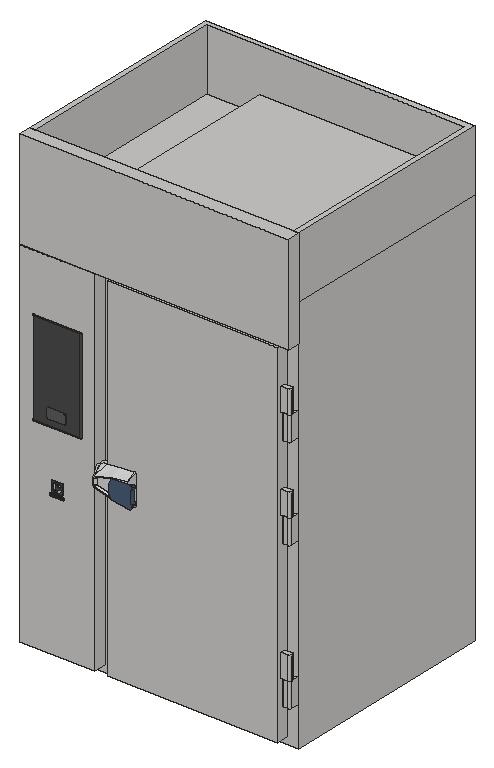
Revit family "QF_ELECTROLUXPROFESSIONAL_727762_EBFA22LE", category Specialty Equipment, Revit 2018
Family settings
  Round Connector Dimension = Use Diameter
  Part Type = Normal
  Work Plane-Based = No
  Always vertical = Yes
  Cut with Voids When Loaded = No
  Shared = Yes
  Room Calculation Point = No
Parameters
  Weight = 0.00 kg
  Watts = 0 W
  Volts = 380 V
  URL Manufacturer = "http://professional.electrolux.com"
  URL = "http://professional.electrolux.com"
  Steam Supply Size = 0"
  Steam Supply Minimum Pressure = 0.00 psi
  Steam Supply Maximum Pressure = 0.00 psi
  Steam Pounds per Hour = 0
  Show Logo [instance] = yes
  Refrigeration Suction Line Size = 0"
  Refrigeration Liquid Line Size = 0"
  Refrigerant Compressor Remote = yes
  Phase = 3
  Model = "EBFA22LE"
  Manufacturer = "Electrolux"
  Length Actual = 1400 mm  # constant formula
  Item Number = "727762"
  Hot Water Size = 1"
  Height Actual = 2470 mm  # constant formula
  HP = "10.7 HP"
  Gas Size = 0"
  Gas KW = 0
  Gas Input Pressure = 0.0 Btu/h
  Direct Waste Size = 3/4"
  Description = "SKYLINE CHILLS BLAST CHILLER/FREEZER 150/120KG 20 GN 2/1"
  Depth Actual = 1266 mm  # constant formula
  Cycle = 50 Hz
  Condensate Return Size = 0"
  Compressed Air Volume = 0 GPM
  Compressed Air Size = 0"
  Compressed Air Pressure = 0.00 psi
  Cold Water Size = 1"
  Assembly Code = ""
  Show Clearance [instance] = yes
  Accessory = yes
Reference planes
  plane 1 "BACK": y = 1
  plane 2: z = 0
  plane 3 "LEFT": x = 0
  plane 4 "RIGHT": x = 1400
  plane 5 "FRONT": y = -1205
  plane 6 "TOP": z = 2400
  plane 7 "Center Y": x = 700
  plane 8: y = -2155
  plane 9: y = -602
Forms (mm)
  Extrusion 1, solid, material "QF_Clearance", visible <- "Show Clearance", detail levels coarse
    sketch origin (0, 0, -70) x (1, 0, 0) y (0, 1, 0)
      loop
        line (0, -1205) -> (0, 1) -> (1400, 1) -> (1400, -1205) -> (1500, -1205) -> (1500, 101) -> (-100, 101) -> (-100, -1205) -> (0, -1205)
    from 70 to 2670
  Extrusion 2, solid, material "QF_Finishes_Stainless Steel"
    sketch origin (349.253, 33, 630.991) x (-1, 0, 0) y (0, -1, 0)
      loop
        line (349.253, 1172.759) -> (349.253, 1238) -> (-39.747, 1238) -> (-39.747, 1172.759) -> (349.253, 1172.759)
    from -597 to 1254
  Extrusion 3, solid, material "QF_Finishes_Stainless Steel"
    sketch origin (596.16, 27.971, -70) x (1, 0, 0) y (0, 1, 0)
      loop
        line (743.84, -1172.971) -> (-141.16, -1172.971) -> (-141.16, -1232.971) -> (743.84, -1232.971) -> (743.84, -1172.971)
    from 103.991 to 1945.25
  Extrusion 4, solid, material "QF_Door-Drawer Clearances", visible <- "Show Clearance", detail levels coarse
    sketch origin (875, -72.029, -91.802) x (-1, 0, 0) y (0, -1, 0)
      loop
        line (-465, 2025.971) -> (-465, 1132.971) -> (420, 1132.971)
        arc (420, 1132.971) -> (153.836, 1754.227) -> (-465, 2025.971) r 920
    from 125.793 to 1967.052
  Extrusion 5, solid, material "QF_Finishes_Stainless Steel"
    sketch origin (0, -1139.759, 0) x (0, 1, 0) y (-1, 0, 0)
      loop
        line (1140.759, 0) -> (0.759, 0) -> (0.759, -1400) -> (1140.759, -1400) -> (1140.759, 0)
    from 0 to 2080
  Extrusion 6, solid, material "QF_Finishes_Stainless Steel"
    sketch origin (0, 0, -70) x (0, 1, 0) y (0, 0, 1)
      loop
        line (-1139, 2470) -> (-1205, 2470) -> (-1205, 1956) -> (-1139, 1956) -> (-1139, 2470)
    from 0 to 1400
  Extrusion 7, solid, material "QF_Finishes_Stainless Steel"
    sketch origin (0, -1139.759, 2080) x (0, 1, 0) y (-1, 0, 0)
      loop
        line (1140.759, 0) -> (0.759, 0) -> (0.759, -27.807) -> (1112.952, -27.807) -> (1112.952, -1372.193) -> (0.759, -1372.193) -> (0.759, -1400) -> (1140.759, -1400) -> (1140.759, 0)
    from 0 to 320
  Extrusion 8, solid, material "QF_Clearance", visible <- "Show Clearance", detail levels coarse
    sketch origin (0, 0, 2400) x (-1, 0, 0) y (0, -1, 0)
      loop
        line (0, 1205) -> (-1400, 1205) -> (-1400, -1) -> (0, -1) -> (0, 1205)
    from 0 to 200
  Extrusion 9, solid, material "QF_Finishes_Stainless Steel"
    sketch origin (-390.239, -0.977, 1172.559) x (1, 0, 0) y (0, 1, 0)
      loop
        line (1730.239, -1159.557) -> (1730.239, -1186.759) -> (1771.078, -1186.759)
        arc (1771.078, -1186.759) -> (1778.149, -1183.83) -> (1781.078, -1176.759) r 10
        line (1781.078, -1176.759) -> (1781.078, -1169.557)
        arc (1781.078, -1169.557) -> (1778.149, -1162.486) -> (1771.078, -1159.557) r 10
        line (1771.078, -1159.557) -> (1730.239, -1159.557)
    from 398 to 516
  Extrusion 10, solid, material "QF_Finishes_Stainless Steel"
    sketch origin (-388.989, -0.977, 1172.559) x (1, 0, 0) y (0, 1, 0)
      loop
        line (1779.828, -1138.023) -> (1738.215, -1138.023) -> (1738.215, -1176.759)
        arc (1738.215, -1176.759) -> (1741.143, -1183.83) -> (1748.215, -1186.759) r 10
        line (1748.215, -1186.759) -> (1769.828, -1186.759)
        arc (1769.828, -1186.759) -> (1776.899, -1183.83) -> (1779.828, -1176.759) r 10
        line (1779.828, -1176.759) -> (1779.828, -1138.023)
    from 269 to 396
  Extrusion 11, solid, material "QF_Finishes_Handrails and Railings"
    sketch origin (0, -1205, -139.705) x (-1, 0, 0) y (0, 0, 1)
      loop
        arc (-455, 1022.346) -> (-433.392, 1027.289) -> (-413, 1035.976) r 124.815
        arc (-413, 1035.976) -> (-402.037, 1046.425) -> (-398, 1061.023) r 28.412
        line (-398, 1061.023) -> (-398, 1124.287)
        arc (-398, 1124.287) -> (-402.037, 1138.885) -> (-413, 1149.334) r 28.412
        arc (-413, 1149.334) -> (-433.392, 1158.021) -> (-455, 1162.964) r 124.815
        line (-455, 1162.964) -> (-455, 1022.346)
    from 0 to 25
  Extrusion 12, solid, material "QF_Finishes_Stainless Steel"
    sketch origin (0, 1, -70) x (1, 0, 0) y (0, 0, 1)
      loop
        circle (50.191, 2279.706) r 10
    from -2 to 0
  Extrusion 13, solid
    sketch origin (0, 0, -70) x (1, 0, 0) y (0, 1, 0)
      loop
        circle (271, -895) r 12.7
    from 180 to 190
  Blend 14, solid, material "QF_Finishes_Handrails and Railings"
    base sketch origin (0, -1205, -139.705) x (1, 0, 0) y (0, 0, 1)
      loop
        arc (455, 1162.964) -> (433.392, 1158.021) -> (413, 1149.334) r 124.815
        arc (413, 1149.334) -> (402.037, 1138.885) -> (398, 1124.287) r 28.412
        line (398, 1124.287) -> (398, 1061.023)
        arc (398, 1061.023) -> (402.037, 1046.425) -> (413, 1035.976) r 28.412
        arc (413, 1035.976) -> (433.392, 1027.289) -> (455, 1022.346) r 124.815
        arc (455, 1022.346) -> (524.77, 1014.896) -> (594.859, 1011.587) r 1185.63
        arc (594.859, 1011.587) -> (600.607, 1013.879) -> (603, 1019.586) r 8
        line (603, 1019.586) -> (603, 1165.724)
        arc (603, 1165.724) -> (600.607, 1171.431) -> (594.859, 1173.723) r 8
        arc (594.859, 1173.723) -> (524.77, 1170.414) -> (455, 1162.964) r 1185.63
    top sketch origin (0, -1205, -139.705) x (1, 0, 0) y (0, 0, 1)
      loop
        line (421, 1108.337) -> (421, 1076.973)
        arc (421, 1076.973) -> (423.295, 1069.915) -> (429.302, 1065.557) r 12
        arc (429.302, 1065.557) -> (515.086, 1044.22) -> (603, 1034.974) r 636.459
        line (603, 1034.974) -> (603, 1150.336)
        arc (603, 1150.336) -> (515.086, 1141.09) -> (429.302, 1119.753) r 636.459
        arc (429.302, 1119.753) -> (423.295, 1115.395) -> (421, 1108.337) r 12
    from 0 to 50
  Blend 15, void
    base sketch origin (0, -1255, -139.705) x (-1, 0, 0) y (0, 0, 1)
      loop
        arc (-430.843, 1114.996) -> (-515.866, 1136.151) -> (-603, 1145.333) r 631.459
        line (-603, 1145.333) -> (-603, 1039.977)
        arc (-603, 1039.977) -> (-515.866, 1049.159) -> (-430.843, 1070.314) r 631.459
        arc (-430.843, 1070.314) -> (-427.339, 1072.856) -> (-426, 1076.973) r 7
        line (-426, 1076.973) -> (-426, 1108.337)
        arc (-426, 1108.337) -> (-427.339, 1112.454) -> (-430.843, 1114.996) r 7
    top sketch origin (0, -1255, -139.705) x (-1, 0, 0) y (0, 0, 1)
      loop
        arc (-432.384, 1110.24) -> (-516.647, 1131.211) -> (-603, 1140.33) r 626.459
        line (-603, 1140.33) -> (-603, 1044.98)
        arc (-603, 1044.98) -> (-516.647, 1054.099) -> (-432.384, 1075.07) r 626.459
        arc (-432.384, 1075.07) -> (-431.382, 1075.797) -> (-431, 1076.973) r 2
        line (-431, 1076.973) -> (-431, 1108.337)
        arc (-431, 1108.337) -> (-431.382, 1109.513) -> (-432.384, 1110.24) r 2
    from 0 to 10
  Blend 16, solid, material "QF_Finishes_Electrolux_Blue"
    base sketch origin (0, -1245, -139.705) x (1, 0, 0) y (0, 0, 1)
      loop
        arc (628.567, 1043.419) -> (622.014, 1092.655) -> (628.567, 1141.89) r 188.232
        arc (628.567, 1141.89) -> (627.358, 1147.991) -> (621.77, 1150.721) r 7
        arc (621.77, 1150.721) -> (572.304, 1148.509) -> (523.16, 1142.458) r 636.459
        arc (523.16, 1142.458) -> (507.711, 1092.655) -> (523.16, 1042.852) r 88
        arc (523.16, 1042.852) -> (572.304, 1036.801) -> (621.77, 1034.589) r 636.459
        arc (621.77, 1034.589) -> (627.358, 1037.319) -> (628.567, 1043.419) r 7
    top sketch origin (0, -1245, -139.705) x (1, 0, 0) y (0, 0, 1)
      loop
        arc (626.748, 1050.703) -> (622.014, 1092.655) -> (626.748, 1134.607) r 188.232
        arc (626.748, 1134.607) -> (625.775, 1138.85) -> (621.845, 1140.722) r 5
        arc (621.845, 1140.722) -> (569.023, 1138.185) -> (516.603, 1131.203) r 626.459
        arc (516.603, 1131.203) -> (507.711, 1092.655) -> (516.603, 1054.107) r 88
        arc (516.603, 1054.107) -> (569.023, 1047.124) -> (621.845, 1044.588) r 626.459
        arc (621.845, 1044.588) -> (625.775, 1046.46) -> (626.748, 1050.703) r 5
    from 20 to 0
  Extrusion 17, solid, material "QF_Finishes_Stainless Steel"
    sketch origin (-390.239, -0.977, 692.559) x (1, 0, 0) y (0, 1, 0)
      loop
        line (1730.239, -1159.557) -> (1730.239, -1186.759) -> (1771.078, -1186.759)
        arc (1771.078, -1186.759) -> (1778.149, -1183.83) -> (1781.078, -1176.759) r 10
        line (1781.078, -1176.759) -> (1781.078, -1169.557)
        arc (1781.078, -1169.557) -> (1778.149, -1162.486) -> (1771.078, -1159.557) r 10
        line (1771.078, -1159.557) -> (1730.239, -1159.557)
    from 398 to 516
  Extrusion 18, solid, material "QF_Finishes_Stainless Steel"
    sketch origin (-388.989, -0.977, 692.559) x (1, 0, 0) y (0, 1, 0)
      loop
        line (1779.828, -1138.023) -> (1738.215, -1138.023) -> (1738.215, -1176.759)
        arc (1738.215, -1176.759) -> (1741.143, -1183.83) -> (1748.215, -1186.759) r 10
        line (1748.215, -1186.759) -> (1769.828, -1186.759)
        arc (1769.828, -1186.759) -> (1776.899, -1183.83) -> (1779.828, -1176.759) r 10
        line (1779.828, -1176.759) -> (1779.828, -1138.023)
    from 269 to 396
  Extrusion 19, solid, material "QF_Finishes_Stainless Steel"
    sketch origin (-390.239, -0.977, -67.441) x (1, 0, 0) y (0, 1, 0)
      loop
        line (1730.239, -1159.557) -> (1730.239, -1186.759) -> (1771.078, -1186.759)
        arc (1771.078, -1186.759) -> (1778.149, -1183.83) -> (1781.078, -1176.759) r 10
        line (1781.078, -1176.759) -> (1781.078, -1169.557)
        arc (1781.078, -1169.557) -> (1778.149, -1162.486) -> (1771.078, -1159.557) r 10
        line (1771.078, -1159.557) -> (1730.239, -1159.557)
    from 398 to 516
  Extrusion 20, solid, material "QF_Finishes_Stainless Steel"
    sketch origin (-388.989, -0.977, -67.441) x (1, 0, 0) y (0, 1, 0)
      loop
        line (1779.828, -1138.023) -> (1738.215, -1138.023) -> (1738.215, -1176.759)
        arc (1738.215, -1176.759) -> (1741.143, -1183.83) -> (1748.215, -1186.759) r 10
        line (1748.215, -1186.759) -> (1769.828, -1186.759)
        arc (1769.828, -1186.759) -> (1776.899, -1183.83) -> (1779.828, -1176.759) r 10
        line (1779.828, -1176.759) -> (1779.828, -1138.023)
    from 269 to 396
  Extrusion 21, solid, material "QF_Door-Drawer Clearances", visible <- "Show Clearance", detail levels coarse
    sketch origin (167.029, -1956.84, -70) x (0, 1, 0) y (-1, 0, 0)
      loop
        line (751.84, -1172.971) -> (-141.16, -1172.971) -> (-141.16, -1232.971) -> (751.84, -1232.971) -> (751.84, -1172.971)
    from 103.991 to 1945.25
  Extrusion 22, solid, material "QF_Door-Drawer Clearances", visible <- "Show Clearance", detail levels coarse
    sketch origin (1400, -2553, -139.705) x (0, -1, 0) y (0, 0, 1)
      loop
        arc (-455, 1022.346) -> (-433.392, 1027.289) -> (-413, 1035.976) r 124.815
        arc (-413, 1035.976) -> (-402.037, 1046.425) -> (-398, 1061.023) r 28.412
        line (-398, 1061.023) -> (-398, 1124.287)
        arc (-398, 1124.287) -> (-402.037, 1138.885) -> (-413, 1149.334) r 28.412
        arc (-413, 1149.334) -> (-433.392, 1158.021) -> (-455, 1162.964) r 124.815
        line (-455, 1162.964) -> (-455, 1022.346)
    from 0 to 25
  Blend 23, solid, material "QF_Door-Drawer Clearances", visible <- "Show Clearance", detail levels coarse
    base sketch origin (1400, -2553, -139.705) x (0, 1, 0) y (0, 0, 1)
      loop
        arc (455, 1162.964) -> (433.392, 1158.021) -> (413, 1149.334) r 124.815
        arc (413, 1149.334) -> (402.037, 1138.885) -> (398, 1124.287) r 28.412
        line (398, 1124.287) -> (398, 1061.023)
        arc (398, 1061.023) -> (402.037, 1046.425) -> (413, 1035.976) r 28.412
        arc (413, 1035.976) -> (433.392, 1027.289) -> (455, 1022.346) r 124.815
        arc (455, 1022.346) -> (524.77, 1014.896) -> (594.859, 1011.587) r 1185.63
        arc (594.859, 1011.587) -> (600.607, 1013.879) -> (603, 1019.586) r 8
        line (603, 1019.586) -> (603, 1165.724)
        arc (603, 1165.724) -> (600.607, 1171.431) -> (594.859, 1173.723) r 8
        arc (594.859, 1173.723) -> (524.77, 1170.414) -> (455, 1162.964) r 1185.63
    top sketch origin (1400, -2553, -139.705) x (0, 1, 0) y (0, 0, 1)
      loop
        line (421, 1108.337) -> (421, 1076.973)
        arc (421, 1076.973) -> (423.295, 1069.915) -> (429.302, 1065.557) r 12
        arc (429.302, 1065.557) -> (515.086, 1044.22) -> (603, 1034.974) r 636.459
        line (603, 1034.974) -> (603, 1150.336)
        arc (603, 1150.336) -> (515.086, 1141.09) -> (429.302, 1119.753) r 636.459
        arc (429.302, 1119.753) -> (423.295, 1115.395) -> (421, 1108.337) r 12
    from 0 to 50
  Blend 24, void
    base sketch origin (1450, -2553, -139.705) x (0, -1, 0) y (0, 0, 1)
      loop
        arc (-430.843, 1114.996) -> (-515.866, 1136.151) -> (-603, 1145.333) r 631.459
        line (-603, 1145.333) -> (-603, 1039.977)
        arc (-603, 1039.977) -> (-515.866, 1049.159) -> (-430.843, 1070.314) r 631.459
        arc (-430.843, 1070.314) -> (-427.339, 1072.856) -> (-426, 1076.973) r 7
        line (-426, 1076.973) -> (-426, 1108.337)
        arc (-426, 1108.337) -> (-427.339, 1112.454) -> (-430.843, 1114.996) r 7
    top sketch origin (1450, -2553, -139.705) x (0, -1, 0) y (0, 0, 1)
      loop
        arc (-432.384, 1110.24) -> (-516.647, 1131.211) -> (-603, 1140.33) r 626.459
        line (-603, 1140.33) -> (-603, 1044.98)
        arc (-603, 1044.98) -> (-516.647, 1054.099) -> (-432.384, 1075.07) r 626.459
        arc (-432.384, 1075.07) -> (-431.382, 1075.797) -> (-431, 1076.973) r 2
        line (-431, 1076.973) -> (-431, 1108.337)
        arc (-431, 1108.337) -> (-431.382, 1109.513) -> (-432.384, 1110.24) r 2
    from 0 to 10
  Blend 25, solid, material "QF_Door-Drawer Clearances", visible <- "Show Clearance", detail levels coarse
    base sketch origin (1440, -2553, -139.705) x (0, 1, 0) y (0, 0, 1)
      loop
        arc (628.567, 1043.419) -> (622.014, 1092.655) -> (628.567, 1141.89) r 188.232
        arc (628.567, 1141.89) -> (627.358, 1147.991) -> (621.77, 1150.721) r 7
        arc (621.77, 1150.721) -> (572.304, 1148.509) -> (523.16, 1142.458) r 636.459
        arc (523.16, 1142.458) -> (507.711, 1092.655) -> (523.16, 1042.852) r 88
        arc (523.16, 1042.852) -> (572.304, 1036.801) -> (621.77, 1034.589) r 636.459
        arc (621.77, 1034.589) -> (627.358, 1037.319) -> (628.567, 1043.419) r 7
    top sketch origin (1440, -2553, -139.705) x (0, 1, 0) y (0, 0, 1)
      loop
        arc (626.748, 1050.703) -> (622.014, 1092.655) -> (626.748, 1134.607) r 188.232
        arc (626.748, 1134.607) -> (625.775, 1138.85) -> (621.845, 1140.722) r 5
        arc (621.845, 1140.722) -> (569.023, 1138.185) -> (516.603, 1131.203) r 626.459
        arc (516.603, 1131.203) -> (507.711, 1092.655) -> (516.603, 1054.107) r 88
        arc (516.603, 1054.107) -> (569.023, 1047.124) -> (621.845, 1044.588) r 626.459
        arc (621.845, 1044.588) -> (625.775, 1046.46) -> (626.748, 1050.703) r 5
    from 20 to -1
  Extrusion 26, solid, material "QF_Finishes_Stainless Steel"
    sketch origin (0, -1139.759, 2080) x (0, 1, 0) y (-1, 0, 0)
      loop
        line (1028.497, -361.186) -> (882.552, -361.186) -> (882.552, -544.235) -> (1028.497, -544.235) -> (1028.497, -361.186)
    from 0 to 50
  Extrusion 27, solid, material "QF_Finishes_Stainless Steel"
    sketch origin (0, -1139.759, 2080) x (0, 1, 0) y (-1, 0, 0)
      loop
        line (1099.749, -314.157) -> (154.819, -314.157) -> (154.819, -1281.35) -> (1099.749, -1281.35) -> (1099.749, -314.157)
    from 0 to 100
  Extrusion 28, solid, material "QF_Finishes_Stainless Steel"
    sketch origin (544.235, -111.262, 2080) x (0, -1, 0) y (0, 0, -1)
      loop
        circle (122.974, -25) r 12.5
      loop
        circle (23.998, -25) r 12.5
    from 0 to 30
Cuts and joins
  Blend 15 cuts Blend 14
  joined: Extrusion 11, Blend 14
  Blend 15 cuts Extrusion 4
  Blend 24 cuts Blend 23
  Blend 24 cuts Blend 25
  joined: Extrusion 4, Extrusion 21, Extrusion 22, Blend 23, Blend 25
  joined: Extrusion 7, Extrusion 12
  joined: Extrusion 5, Extrusion 10, Extrusion 18, Extrusion 20, Extrusion 27
  joined: Extrusion 3, Extrusion 9, Extrusion 17, Extrusion 19
  joined: Extrusion 1, Extrusion 8
  joined: Extrusion 26, Extrusion 28
Lines and regions (mm)
  symbolic lines, style "QF-Clearances", visible <- "Show Clearance", detail levels coarse
    curve 1: line (-100, -1204.241, 70) -> (-100, 101, 70)
    curve 2: line (-100, 101, 70) -> (1500, 101, 70)
    curve 3: line (1500, 101, 70) -> (1500, -1204.241, 70)
  symbolic lines
    curve 4: line (0, 1, 70) -> (1400, 1, 70)
    curve 5: line (0, -1205, 70) -> (0, 1, 70)
    curve 6: line (1400, -1205, 70) -> (0, -1205, 70)
    curve 7: line (1400, 1, 70) -> (1400, -1205, 70)
    curve 8: line (27.807, -26.807, 70) -> (1372.193, -26.807, 70)
    curve 9: line (27.807, -1139, 70) -> (27.807, -26.807, 70)
    curve 10: line (1400, -1139, 70) -> (0, -1139, 70)
    curve 11: line (1372.193, -26.807, 70) -> (1372.193, -1139, 70)
    curve 12: line (75.5, -1210, 70) -> (313.5, -1210, 70)
    curve 13: line (75.5, -1210, 70) -> (67.5, -1205, 70)
    curve 14: line (313.5, -1210, 70) -> (321.5, -1205, 70)
    curve 15: line (421, -1255, 70) -> (398, -1205, 70)
    curve 16: line (421, -1255, 70) -> (603, -1255, 70)
    curve 17: line (603, -1255, 70) -> (603, -1205, 70)
    curve 18: line (603, -1245, 70) -> (626.748, -1245, 70)
    curve 19: line (626.748, -1245, 70) -> (628.811, -1265, 70)
    curve 20: line (628.811, -1265, 70) -> (507.711, -1265, 70)
    curve 21: line (507.711, -1265, 70) -> (507.711, -1255, 70)
    curve 35: line (314.157, -40.01, 70) -> (1281.35, -40.01, 70)
    curve 36: line (314.157, -984.941, 70) -> (314.157, -40.01, 70)
    curve 37: line (1281.35, -984.941, 70) -> (314.157, -984.941, 70)
    curve 38: line (1281.35, -40.01, 70) -> (1281.35, -984.941, 70)
  symbolic lines, style "QF_Door-Drawer Clearances", visible <- "Show Clearance"
    curve 22: line (1450, -2132, 70) -> (1400, -2155, 70)
    curve 23: line (1450, -2132, 70) -> (1450, -1950, 70)
    curve 24: line (1450, -1950, 70) -> (1400, -1950, 70)
    curve 25: line (1439, -1950, 70) -> (1439, -1926.126, 70)
    curve 26: line (1439, -1926.126, 70) -> (1460, -1924.189, 70)
    curve 27: line (1460, -1924.189, 70) -> (1460, -2045.289, 70)
    curve 28: line (1460, -2045.289, 70) -> (1450, -2045.289, 70)
    curve 29: line (1375, -2098, 70) -> (1375, -2155, 70)
    curve 30: line (1340, -2098, 70) -> (1400, -2098, 70)
    curve 31: arc (457.796, -1255, 70) -> (739.031, -1843.801, 70) -> (1340, -2098, 70) r 920
    curve 32: line (1400, -2155, 70) -> (1375, -2155, 70)
    curve 33: line (1400, -2098, 70) -> (1400, -1205, 70)
    curve 34: line (1340, -2098, 70) -> (1340, -1205, 70)
  symbolic lines, style "SpecialityEquipmentHiddenLines"
    curve 39: line (361.186, -111.262, 70) -> (544.235, -111.262, 70)
    curve 40: line (361.186, -257.207, 70) -> (361.186, -111.262, 70)
    curve 41: line (544.235, -257.207, 70) -> (361.186, -257.207, 70)
    curve 42: line (544.235, -111.262, 70) -> (544.235, -257.207, 70)
    curve 43: line (574.235, -147.761, 70) -> (574.235, -122.761, 70)
    curve 44: line (574.235, -122.761, 70) -> (544.235, -122.761, 70)
    curve 45: line (574.235, -147.761, 70) -> (544.235, -147.761, 70)
    curve 46: line (574.235, -246.737, 70) -> (544.235, -246.737, 70)
    curve 47: line (574.235, -221.737, 70) -> (544.235, -221.737, 70)
    curve 48: line (574.235, -221.737, 70) -> (574.235, -246.737, 70)
Dimensions and locks
  plane 5 "FRONT" to plane 1 "BACK" = 1206 mm
  plane 6 "TOP" to level = 2400 mm
  plane 4 "RIGHT" to plane 3 "LEFT" = 1400 mm
  plane 3 "LEFT" to plane 4 "RIGHT" = 1400 mm
  equal spacing: plane 3 "LEFT", plane 7 "Center Y", plane 4 "RIGHT"
  equal spacing: plane 1 "BACK", plane 9, plane 5 "FRONT"
  aligned and locked: level to plane 2
Automatic sketch dimensions
  plane 5 "FRONT" to Extrusion 1 sketch curve = 0 mm  (x2)
  Extrusion 1 sketch curve to plane 3 "LEFT" = 0 mm
  plane 1 "BACK" to Extrusion 1 sketch curve = 0 mm
  Extrusion 1 sketch curve to plane 4 "RIGHT" = 0 mm
  Extrusion 1 sketch curve to plane 3 "LEFT" = 100 mm
  plane 4 "RIGHT" to Extrusion 1 sketch curve = 100 mm
  Extrusion 1 sketch curve to plane 1 "BACK" = 100 mm
  plane 5 "FRONT" to Extrusion 2 sketch curve = 0 mm
  Extrusion 2 sketch curve to plane 3 "LEFT" = 0 mm
  Extrusion 2 sketch curve to plane 5 "FRONT" = 65.241 mm
  plane 5 "FRONT" to Extrusion 3 sketch curve = 0 mm
  Extrusion 3 sketch curve to plane 5 "FRONT" = 60 mm
  Extrusion 3 sketch curve to plane 4 "RIGHT" = 60 mm
  plane 5 "FRONT" to Extrusion 4 sketch curve = 0 mm
  Extrusion 4 sketch curve to plane 4 "RIGHT" = 25.377 mm
  Extrusion 4 sketch curve to Extrusion 4 sketch curve = 34.623 mm
  Extrusion 4 sketch curve to plane 5 "FRONT" = 26.348 mm
  Extrusion 5 sketch curve to plane 3 "LEFT" = 0 mm
  Extrusion 5 sketch curve to plane 4 "RIGHT" = 0 mm
  plane 1 "BACK" to Extrusion 5 sketch curve = 0 mm
  Extrusion 5 sketch curve to plane 5 "FRONT" = 66 mm
  Extrusion 6 sketch curve to plane 5 "FRONT" = 0 mm
  Extrusion 6 sketch curve to plane 5 "FRONT" = 66 mm
  Extrusion 6 sketch curve to plane 6 "TOP" = 514 mm
  plane 6 "TOP" to Extrusion 6 sketch curve = 0 mm
  Extrusion 5 to Extrusion 7 sketch curve = 0 mm
  Extrusion 7 sketch curve to Extrusion 5 = 0 mm  (x4)
  Extrusion 7 sketch curve to Extrusion 5 = 27.807 mm  (x3)
  Extrusion 8 sketch curve to plane 4 "RIGHT" = 0 mm
  plane 1 "BACK" to Extrusion 8 sketch curve = 0 mm
  Extrusion 8 sketch curve to plane 3 "LEFT" = 0 mm
  plane 5 "FRONT" to Extrusion 8 sketch curve = 0 mm
  Extrusion 9 sketch curve to plane 5 "FRONT" = 17.264 mm
  Extrusion 9 sketch curve to plane 4 "RIGHT" = 60 mm
  Extrusion 9 sketch curve to plane 4 "RIGHT" = 19.161 mm
  Extrusion 9 sketch curve to Extrusion 9 sketch curve = 0 mm
  Extrusion 9 sketch curve to plane 4 "RIGHT" = 9.161 mm
  Extrusion 9 sketch curve to Extrusion 9 sketch curve = 7.202 mm
  Extrusion 10 sketch curve to plane 5 "FRONT" = 27.264 mm
  Extrusion 10 sketch curve to plane 4 "RIGHT" = 50.775 mm
  Extrusion 10 sketch curve to Extrusion 10 sketch curve = 10 mm
  Extrusion 10 sketch curve to plane 4 "RIGHT" = 19.161 mm
  Extrusion 10 sketch curve to plane 4 "RIGHT" = 9.161 mm
  Extrusion 10 sketch curve to Extrusion 10 sketch curve = 38.736 mm
  plane 7 "Center Y" to Extrusion 11 sketch curve = 228.081 mm
  Extrusion 11 sketch curve to Extrusion 11 sketch curve = 0 mm
  Extrusion 11 sketch curve to Extrusion 11 sketch curve = 16.919 mm
  Extrusion 11 sketch curve to Extrusion 11 sketch curve = 28.588 mm  (x2)
  Extrusion 11 sketch curve to Extrusion 11 sketch curve = 28.412 mm
  level to Extrusion 11 sketch curve = 882.641 mm
  Extrusion 11 sketch curve to Extrusion 11 sketch curve = 16.954 mm  (x2)
  Extrusion 11 sketch curve to Extrusion 11 sketch curve = 38.676 mm
  Extrusion 11 sketch curve to Extrusion 11 sketch curve = 63.265 mm
  Extrusion 11 sketch curve to Extrusion 11 sketch curve = 21.722 mm
  plane 3 "LEFT" to Extrusion 12 sketch curve = 50.191 mm
  Extrusion 12 sketch curve to plane 6 "TOP" = 190.294 mm
  Extrusion 13 sketch curve to plane 9 = 293 mm
  Blend 14 sketch curve to Extrusion 11 = 0 mm  (x4)
  Blend 14 sketch curve to Extrusion 11 = 28.412 mm
  Blend 14 sketch curve to Blend 14 sketch curve = 123.081 mm  (x2)
  Blend 14 sketch curve to Blend 14 sketch curve = 8 mm
  Extrusion 11 to Blend 14 sketch curve = 160.712 mm  (x2)
  Blend 14 sketch curve to Blend 14 sketch curve = 19.715 mm  (x2)
  Blend 14 sketch curve to Blend 14 sketch curve = 38.676 mm
  Blend 14 sketch curve to Extrusion 11 = 23 mm
  Blend 14 sketch curve to Blend 14 sketch curve = 12 mm  (x2)
  Extrusion 11 to Blend 14 sketch curve = 148 mm
  Extrusion 11 to Blend 14 sketch curve = 170.45 mm  (x2)
  Blend 14 sketch curve to Blend 14 sketch curve = 520.701 mm  (x2)
  Blend 14 sketch curve to Blend 14 sketch curve = 41.999 mm
  Blend 14 sketch curve to Blend 14 sketch curve = 31.364 mm
  Blend 14 sketch curve to Blend 14 sketch curve = 115.362 mm
  Blend 14 to Blend 15 sketch curve = 0 mm  (x2)
  Blend 15 sketch curve to Blend 15 sketch curve = 7 mm
  Blend 15 sketch curve to Blend 15 sketch curve = 31.364 mm  (x2)
  Blend 15 sketch curve to Blend 15 sketch curve = 2 mm
  Blend 15 to Blend 16 sketch curve = 18.811 mm  (x2)
  Blend 16 sketch curve to Blend 15 = 7.289 mm  (x2)
  Blend 16 sketch curve to Blend 16 sketch curve = 188.435 mm
  Blend 16 sketch curve to Blend 16 sketch curve = 7 mm  (x2)
  Blend 16 sketch curve to Blend 16 sketch curve = 51.066 mm  (x2)
  Blend 16 sketch curve to Blend 16 sketch curve = 0 mm  (x6)
  Blend 16 sketch curve to Blend 15 = 79.84 mm
  Blend 15 to Blend 16 sketch curve = 18.874 mm  (x2)
  Blend 16 sketch curve to Blend 16 sketch curve = 188.371 mm
  Blend 16 sketch curve to Blend 16 sketch curve = 5 mm  (x2)
  Blend 16 sketch curve to Blend 16 sketch curve = 43.067 mm  (x2)
  Blend 16 sketch curve to Blend 15 = 85.603 mm
  Extrusion 17 sketch curve to plane 5 "FRONT" = 17.264 mm
  Extrusion 17 sketch curve to plane 4 "RIGHT" = 60 mm
  Extrusion 17 sketch curve to plane 4 "RIGHT" = 19.161 mm
  Extrusion 17 sketch curve to Extrusion 17 sketch curve = 0 mm
  Extrusion 17 sketch curve to plane 4 "RIGHT" = 9.161 mm
  Extrusion 17 sketch curve to Extrusion 17 sketch curve = 7.202 mm
  Extrusion 18 sketch curve to plane 5 "FRONT" = 27.264 mm
  Extrusion 18 sketch curve to plane 4 "RIGHT" = 50.775 mm
  Extrusion 18 sketch curve to Extrusion 18 sketch curve = 10 mm
  Extrusion 18 sketch curve to plane 4 "RIGHT" = 19.161 mm
  Extrusion 18 sketch curve to plane 4 "RIGHT" = 9.161 mm
  Extrusion 18 sketch curve to Extrusion 18 sketch curve = 38.736 mm
  Extrusion 19 sketch curve to plane 5 "FRONT" = 17.264 mm
  Extrusion 19 sketch curve to plane 4 "RIGHT" = 60 mm
  Extrusion 19 sketch curve to plane 4 "RIGHT" = 19.161 mm
  Extrusion 19 sketch curve to Extrusion 19 sketch curve = 0 mm
  Extrusion 19 sketch curve to plane 4 "RIGHT" = 9.161 mm
  Extrusion 19 sketch curve to Extrusion 19 sketch curve = 7.202 mm
  Extrusion 20 sketch curve to plane 5 "FRONT" = 27.264 mm
  Extrusion 20 sketch curve to plane 4 "RIGHT" = 50.775 mm
  Extrusion 20 sketch curve to Extrusion 20 sketch curve = 10 mm
  Extrusion 20 sketch curve to plane 4 "RIGHT" = 19.161 mm
  Extrusion 20 sketch curve to plane 4 "RIGHT" = 9.161 mm
  Extrusion 20 sketch curve to Extrusion 20 sketch curve = 38.736 mm
  Extrusion 21 sketch curve to plane 4 "RIGHT" = 0 mm
  plane 5 "FRONT" to Extrusion 21 sketch curve = 0 mm
  Extrusion 21 sketch curve to plane 8 = 57 mm
  Extrusion 21 sketch curve to plane 4 "RIGHT" = 60 mm
  Extrusion 22 sketch curve to plane 8 = 0 mm
  Extrusion 22 sketch curve to Extrusion 22 sketch curve = 28.412 mm  (x2)
  Extrusion 22 sketch curve to Extrusion 22 sketch curve = 28.588 mm
  Extrusion 22 sketch curve to Extrusion 22 sketch curve = 16.919 mm  (x2)
  level to Extrusion 22 sketch curve = 882.641 mm
  Extrusion 22 sketch curve to Extrusion 22 sketch curve = 16.954 mm  (x2)
  Extrusion 22 sketch curve to Extrusion 22 sketch curve = 38.676 mm
  Extrusion 22 sketch curve to Extrusion 22 sketch curve = 63.265 mm
  Extrusion 22 sketch curve to Extrusion 22 sketch curve = 21.722 mm
  Blend 23 sketch curve to Extrusion 22 = 0 mm  (x4)
  Blend 23 sketch curve to Extrusion 22 = 28.412 mm
  Blend 23 sketch curve to Blend 23 sketch curve = 123.081 mm  (x2)
  Blend 23 sketch curve to Blend 23 sketch curve = 8 mm
  Extrusion 22 to Blend 23 sketch curve = 160.712 mm  (x2)
  Blend 23 sketch curve to Blend 23 sketch curve = 19.715 mm  (x2)
  Blend 23 sketch curve to Blend 23 sketch curve = 38.676 mm
  Blend 23 sketch curve to Extrusion 22 = 23 mm
  Blend 23 sketch curve to Blend 23 sketch curve = 12 mm  (x2)
  Extrusion 22 to Blend 23 sketch curve = 148 mm
  Extrusion 22 to Blend 23 sketch curve = 170.45 mm  (x2)
  Blend 23 sketch curve to Blend 23 sketch curve = 520.701 mm  (x2)
  Blend 23 sketch curve to Blend 23 sketch curve = 41.999 mm
  Blend 23 sketch curve to Blend 23 sketch curve = 31.364 mm
  Blend 23 sketch curve to Blend 23 sketch curve = 115.362 mm
  Blend 24 sketch curve to Blend 23 = 0 mm  (x2)
  Blend 24 sketch curve to Blend 24 sketch curve = 7 mm
  Blend 24 sketch curve to Blend 24 sketch curve = 31.364 mm  (x2)
  Blend 24 sketch curve to Blend 24 sketch curve = 2 mm
  Blend 24 to Blend 25 sketch curve = 18.811 mm  (x2)
  Blend 25 sketch curve to Blend 24 = 7.289 mm  (x2)
  Blend 25 sketch curve to Blend 25 sketch curve = 188.435 mm
  Blend 25 sketch curve to Blend 25 sketch curve = 7 mm  (x2)
  Blend 25 sketch curve to Blend 25 sketch curve = 51.066 mm  (x2)
  Blend 25 sketch curve to Blend 25 sketch curve = 0 mm  (x6)
  Blend 25 sketch curve to Blend 24 = 79.84 mm
  Blend 24 to Blend 25 sketch curve = 18.874 mm  (x2)
  Blend 25 sketch curve to Blend 25 sketch curve = 188.371 mm
  Blend 25 sketch curve to Blend 25 sketch curve = 5 mm  (x2)
  Blend 25 sketch curve to Blend 25 sketch curve = 43.067 mm  (x2)
  Blend 25 sketch curve to Blend 24 = 85.603 mm
  plane 7 "Center Y" to Extrusion 2 sketch curve = 311 mm
  plane 7 "Center Y" to Extrusion 3 sketch curve = 245 mm
  plane 7 "Center Y" to Extrusion 4 sketch curve = 245 mm
  plane 3 "LEFT" to Extrusion 13 sketch curve = 271 mm
  Extrusion 27 sketch curve to Extrusion 5 = 154.059 mm
  Extrusion 27 sketch curve to Extrusion 5 = 41.01 mm
  Extrusion 27 sketch curve to Extrusion 5 = 118.65 mm
  Extrusion 27 sketch curve to Extrusion 5 = 314.157 mm
  Extrusion 26 sketch curve to Extrusion 5 = 258.207 mm
  Extrusion 26 sketch curve to Extrusion 5 = 112.262 mm
  Extrusion 26 sketch curve to Extrusion 5 = 544.235 mm
  Extrusion 26 sketch curve to Extrusion 26 sketch curve = 183.049 mm
  Extrusion 28 sketch curve to Extrusion 26 = 23.998 mm
  Extrusion 28 sketch curve to Extrusion 26 = 22.971 mm
  Extrusion 26 to Extrusion 28 sketch curve = 25 mm  (x2)
  plane 8 to curve 29 = 0 mm
  curve 33 to plane 4 "RIGHT" = 0 mm
  plane 5 "FRONT" to curve 15 = 0 mm
  curve 10 to plane 3 "LEFT" = 0 mm
  plane 1 "BACK" to curve 7 = 0 mm
  curve 22 to plane 4 "RIGHT" = 0 mm
  curve 22 to plane 8 = 23 mm
  curve 22 to curve 33 = 57 mm
  curve 30 to curve 28 = 52.711 mm
  curve 28 to curve 24 = 95.289 mm
  plane 4 "RIGHT" to curve 26 = 39 mm
  curve 25 to curve 26 = 23.874 mm
  curve 25 to curve 27 = 1.937 mm
  plane 5 "FRONT" to curve 19 = 60 mm
  plane 5 "FRONT" to curve 15 = 50 mm
  curve 19 to curve 18 = 20 mm
  plane 5 "FRONT" to curve 12 = 5 mm
  curve 31 to plane 5 "FRONT" = 26.348 mm
  curve 31 to curve 37 = 193.711 mm
  plane 1 "BACK" to curve 41 = 258.207 mm
  curve 41 to curve 43 = 109.446 mm
  curve 43 to curve 43 = 25 mm
  plane 1 "BACK" to curve 39 = 112.262 mm
  plane 1 "BACK" to curve 36 = 41.01 mm
  plane 1 "BACK" to curve 8 = 27.807 mm
  curve 2 to plane 1 "BACK" = 100 mm
  curve 24 to curve 25 = 11 mm
  curve 26 to curve 25 = 21 mm
  plane 4 "RIGHT" to curve 2 = 100 mm
  curve 22 to curve 29 = 25 mm
  curve 31 to plane 4 "RIGHT" = 25.377 mm
  curve 8 to plane 4 "RIGHT" = 27.807 mm
  curve 29 to curve 30 = 35 mm
  curve 38 to plane 4 "RIGHT" = 118.65 mm
  plane 7 "Center Y" to curve 19 = 71.189 mm
  curve 19 to curve 18 = 2.062 mm
  curve 18 to curve 17 = 23.748 mm
  plane 7 "Center Y" to curve 43 = 125.765 mm
  curve 43 to curve 41 = 30 mm
  curve 21 to curve 31 = 49.915 mm
  curve 31 to curve 16 = 36.796 mm
  curve 41 to curve 40 = 183.049 mm
  curve 15 to curve 37 = 106.843 mm
  curve 15 to curve 14 = 107.5 mm
  plane 3 "LEFT" to curve 12 = 75.5 mm
  plane 3 "LEFT" to curve 8 = 27.807 mm
  curve 1 to plane 3 "LEFT" = 100 mm
  curve 3 to plane 5 "FRONT" = 0.759 mm
  curve 1 to plane 5 "FRONT" = 0.759 mm
  curve 9 to plane 5 "FRONT" = 66 mm
  curve 41 to curve 46 = 10.471 mm
  curve 46 to curve 48 = 25 mm
  curve 46 to curve 46 = 30 mm
  curve 15 to curve 15 = 23 mm
  curve 14 to curve 12 = 8 mm
  curve 12 to curve 13 = 8 mm
  radius of Extrusion 12 sketch curve = 10 mm
  radius of Extrusion 13 sketch curve = 12.7 mm
  radius of Blend 14 sketch curve to Extrusion 11 = 0 mm  (x3)
  radius of Blend 15 sketch curve to Blend 14 = 5 mm  (x3)
  radius of Blend 15 sketch curve to Blend 14 = 10 mm  (x3)
  radius of Blend 15 to Blend 16 sketch curve = 10 mm  (x2)
  radius of Blend 16 sketch curve to Blend 15 = 0 mm  (x2)
  radius of Blend 23 sketch curve to Extrusion 22 = 0 mm  (x3)
  radius of Blend 24 sketch curve to Blend 23 = 5 mm  (x3)
  radius of Blend 24 sketch curve to Blend 23 = 10 mm  (x3)
  radius of Blend 24 to Blend 25 sketch curve = 10 mm  (x2)
  radius of Blend 25 sketch curve to Blend 24 = 0 mm  (x2)
  radius of Extrusion 28 sketch curve = 12.5 mm  (x2)
Nested families
  nested 1: "ELX_Touch" at (194.5, -1205, 1338.103) x (1, 0, 0) z (0, -1, 0), type "ELX_Touch"
  nested 2: "ELX_Logo_S_New" at (194.5, -1205, 779.103) x (1, 0, 0) z (0, -1, 0), visible <- "Show Logo", type "ELX_Logo_S_New"
    with M QF_Finishes_Black
  nested 3: "ELX_Logo_Symbol" at (194.5, -1205, 819.103) x (1, 0, 0) z (0, -1, 0), visible <- "Show Logo", type "ELX_Logo_Symbol"
    with M QF_Finishes_Black
Connectors
  piping at (271, -895, 110), diameter 25.4
    settings: on Extrusion 13, index 5, connector inside diameter 24", connector length 0 mm, flow factor 0, pipe flow 0 GPM, pressure drop 0.00 psi, fitting loss kfactor 0, connector angle 0.00°, fixture units 0, engagement length 0 mm, angle of deflection 0.00°, flow configuration 1, flow direction 2, fitting loss method 0, system type 16, joint type 0, gender type 0, connector reference index -1, connector utility 0, adjustable connector no, is connector primary yes, connector description "Drain"
  electrical at (50.191, 3, 2209.706), driven by "Volts"
    settings: on Extrusion 12, index 6, voltage 380 V, apparent load 0 VA, apparent load phase1 0 VA, apparent load phase2 0 VA, apparent load phase3 0 VA, power factor 1, load classification "Altro", number of poles 1, system type 30, power factor state 1, is connector primary yes, connector utility no, sub classification motor no, connector description "Electrical Connection"
  piping at (574.235, -234.237, 2105), diameter 25
    settings: on cut or joined group of Extrusion 26, Extrusion 28, index 7, connector inside diameter 24", connector length 0 mm, flow factor 0, pipe flow 0 GPM, pressure drop 0.00 psi, fitting loss kfactor 0, connector angle 0.00°, fixture units 0, engagement length 0 mm, angle of deflection 0.00°, flow configuration 1, flow direction 1, fitting loss method 0, system type 7, joint type 0, gender type 0, connector reference index -1, connector utility 0, adjustable connector no, is connector primary no, connector description "Water Inlet Cooling"
  piping at (574.235, -135.261, 2105), diameter 25
    settings: on cut or joined group of Extrusion 26, Extrusion 28, index 8, connector inside diameter 24", connector length 0 mm, flow factor 0, pipe flow 0 GPM, pressure drop 0.00 psi, fitting loss kfactor 0, connector angle 0.00°, fixture units 0, engagement length 0 mm, angle of deflection 0.00°, flow configuration 1, flow direction 1, fitting loss method 0, system type 8, joint type 0, gender type 0, connector reference index -1, connector utility 0, adjustable connector no, is connector primary no, connector description "Water Outlet Cooling"
Definition of nested family "ELX_Touch"
  Parameters
    Default Elevation = 1219.2 mm
  Reference planes
    plane 1 "Centro (Fronte/Retro)": y = 0
    plane 2: z = 0
    plane 3 "Centro (Sinistra/Destra)": x = 0
  Forms (mm)
    Extrusion 1, solid
      sketch origin (0, 0, 0) x (1, 0, 0) y (0, 1, 0)
        loop
          line (-1219.2, 1219.2) -> (-1219.2, -1219.2) -> (1219.2, -1219.2) -> (1219.2, 1219.2) -> (-1219.2, 1219.2)
      from 0 to -304.8
    Extrusion 2, solid
      sketch origin (0, 0, 5) x (1, 0, 0) y (0, 1, 0)
        loop
          line (-47, -160) -> (-47, -202)
          arc (-47, -202) -> (-45.536, -205.535) -> (-42, -207) r 5
          line (-42, -207) -> (42, -207)
          arc (42, -207) -> (45.536, -205.535) -> (47, -202) r 5
          line (47, -202) -> (47, -160)
          arc (47, -160) -> (45.536, -156.465) -> (42, -155) r 5
          line (42, -155) -> (-42, -155)
          arc (-42, -155) -> (-45.536, -156.465) -> (-47, -160) r 5
      from 0 to 2
    Blend 3, solid
      base sketch origin (0, 0, 0) x (1, 0, 0) y (0, 1, 0)
        loop
          line (-127, 244) -> (-127, -244)
          arc (-127, -244) -> (-125.536, -247.536) -> (-122, -249) r 5
          line (-122, -249) -> (122, -249)
          arc (122, -249) -> (125.536, -247.536) -> (127, -244) r 5
          line (127, -244) -> (127, 244)
          arc (127, 244) -> (125.536, 247.536) -> (122, 249) r 5
          line (122, 249) -> (-122, 249)
          arc (-122, 249) -> (-125.536, 247.536) -> (-127, 244) r 5
      top sketch origin (0, 0, 0) x (1, 0, 0) y (0, 1, 0)
        loop
          line (-119, -241) -> (119, -241) -> (119, 241) -> (-119, 241) -> (-119, -241)
      from 0 to 5
  Lines and regions (mm)
    Split face 1
      outline origin (0, 0, 5) x (1, 0, 0) y (0, 1, 0)
        loop
          line (-70.506, 46.167) -> (70.506, 46.167) -> (70.506, 214.829) -> (-70.506, 214.829) -> (-70.506, 46.167)
    Split face 2
      outline origin (0, 0, 5) x (1, 0, 0) y (0, 1, 0)
        loop
          line (-47.467, 50.825) -> (47.467, 50.825) -> (47.467, 210.171) -> (-47.467, 210.171) -> (-47.467, 50.825)
    Split face 3
      outline origin (0, 0, 5) x (1, 0, 0) y (0, 1, 0)
        loop
          line (-70.521, -215.33) -> (70.521, -215.33) -> (70.521, -146.67) -> (-70.521, -146.67) -> (-70.521, -215.33)
    Split face 4
      outline origin (0, 0, 5) x (1, 0, 0) y (0, 1, 0)
        loop
          line (-119, 201.163) -> (-70.506, 201.163)
        loop
          line (70.506, 201.163) -> (119, 201.163)
        loop
          line (70.521, -200.849) -> (119, -200.849)
        loop
          line (-119, -200.849) -> (-70.521, -200.849)
  Dimensions and locks
    aligned and locked: plane 2 to Extrusion 1
    aligned and locked: level to Extrusion 1
Definition of nested family "ELX_Logo_S_New"
  Parameters
    Default Elevation = 0 mm
    M [instance] = none
  Reference planes
    plane 1 "Centro (Fronte/Retro)": y = 0
    plane 2: z = 0
    plane 3 "Centro (Sinistra/Destra)": x = 0
  Forms (mm)
    Extrusion 1, solid
      sketch origin (0, 0, 0) x (1, 0, 0) y (0, 1, 0)
        loop
          line (-1219.2, 1219.2) -> (-1219.2, -1219.2) -> (1219.2, -1219.2) -> (1219.2, 1219.2) -> (-1219.2, 1219.2)
      from 0 to -304.8
    Extrusion 2, solid, material <- "M"
      sketch origin (0, 0, 0) x (1, 0, 0) y (0, 1, 0)
        loop
          spline (-32.537, -4.135) -> (-32.702, -4.128) -> (-32.877, -4.105) -> (-33.059, -4.064) -> (-33.242, -4.002) -> (-33.422, -3.916) -> (-33.593, -3.803) -> (-33.751, -3.66) -> (-33.891, -3.486) -> (-34.008, -3.276) -> (-34.098, -3.029) -> (-34.155, -2.741) -> (-34.176, -2.41)
          line (-34.176, -2.41) -> (-34.176, -0.943) -> (-29.331, -0.943) -> (-29.331, 0.928) -> (-34.176, 0.928) -> (-34.176, 3.652) -> (-29.023, 3.652) -> (-29.023, 5.518) -> (-36.159, 5.518) -> (-36.159, -2.326)
          spline (-36.159, -2.326) -> (-36.142, -2.808) -> (-36.088, -3.263) -> (-35.996, -3.688) -> (-35.867, -4.083) -> (-35.698, -4.445) -> (-35.489, -4.773) -> (-35.239, -5.066) -> (-34.946, -5.322) -> (-34.61, -5.539) -> (-34.23, -5.716) -> (-33.804, -5.851) -> (-33.332, -5.943)
          line (-33.332, -5.943) -> (-32.554, -5.999) -> (-28.885, -5.999) -> (-28.885, -4.135) -> (-32.537, -4.135)
        loop
          line (-27.476, 0.076) -> (-27.476, -6.002) -> (-25.492, -6.002) -> (-25.492, 5.521) -> (-27.476, 5.521) -> (-27.476, 0.076)
        loop
          spline (-15.702, -2.321) -> (-15.689, -1.697) -> (-15.749, -1.094) -> (-15.879, -0.516) -> (-16.078, 0.029) -> (-16.341, 0.538) -> (-16.668, 1.004) -> (-17.055, 1.422) -> (-17.5, 1.786) -> (-17.999, 2.091) -> (-18.552, 2.331) -> (-19.154, 2.5) -> (-19.804, 2.594)
          spline (-19.804, 2.594) -> (-20.422, 2.558) -> (-21.009, 2.453) -> (-21.56, 2.28) -> (-22.072, 2.042) -> (-22.54, 1.743) -> (-22.96, 1.385) -> (-23.327, 0.97) -> (-23.638, 0.502) -> (-23.887, -0.018) -> (-24.07, -0.586) -> (-24.183, -1.2) -> (-24.222, -1.857)
          spline (-24.222, -1.857) -> (-24.184, -2.498) -> (-24.074, -3.097) -> (-23.895, -3.652) -> (-23.651, -4.16) -> (-23.344, -4.618) -> (-22.979, -5.023) -> (-22.559, -5.374) -> (-22.087, -5.667) -> (-21.567, -5.899) -> (-21.003, -6.068) -> (-20.397, -6.172) -> (-19.754, -6.207)
          spline (-19.754, -6.207) -> (-19.44, -6.2) -> (-19.13, -6.176) -> (-18.823, -6.135) -> (-18.52, -6.074) -> (-18.221, -5.993) -> (-17.925, -5.89) -> (-17.634, -5.762) -> (-17.346, -5.609) -> (-17.062, -5.43) -> (-16.782, -5.221) -> (-16.506, -4.983) -> (-16.234, -4.713)
          line (-16.234, -4.713) -> (-17.429, -3.55)
          spline (-17.429, -3.55) -> (-17.587, -3.702) -> (-17.745, -3.841) -> (-17.906, -3.967) -> (-18.07, -4.08) -> (-18.239, -4.181) -> (-18.415, -4.268) -> (-18.599, -4.343) -> (-18.792, -4.404) -> (-18.996, -4.452) -> (-19.213, -4.486) -> (-19.443, -4.506) -> (-19.688, -4.513)
          spline (-19.688, -4.513) -> (-20.047, -4.496) -> (-20.383, -4.443) -> (-20.696, -4.358) -> (-20.984, -4.24) -> (-21.246, -4.092) -> (-21.479, -3.915) -> (-21.683, -3.711) -> (-21.856, -3.48) -> (-21.997, -3.224) -> (-22.104, -2.945) -> (-22.176, -2.643) -> (-22.212, -2.321)
          line (-22.212, -2.321) -> (-15.702, -2.321)
        loop
          spline (-17.695, -0.926) -> (-17.714, -0.681) -> (-17.771, -0.445) -> (-17.861, -0.221) -> (-17.984, -0.01) -> (-18.135, 0.184) -> (-18.314, 0.36) -> (-18.516, 0.516) -> (-18.741, 0.648) -> (-18.984, 0.755) -> (-19.244, 0.834) -> (-19.518, 0.883) -> (-19.804, 0.9)
          spline (-19.804, 0.9) -> (-20.11, 0.884) -> (-20.405, 0.835) -> (-20.686, 0.757) -> (-20.95, 0.652) -> (-21.195, 0.521) -> (-21.419, 0.367) -> (-21.618, 0.192) -> (-21.79, -0.003) -> (-21.934, -0.214) -> (-22.045, -0.439) -> (-22.122, -0.678) -> (-22.162, -0.926)
          line (-22.162, -0.926) -> (-17.695, -0.926)
        loop
          spline (-12.669, -1.807) -> (-12.646, -1.438) -> (-12.58, -1.088) -> (-12.472, -0.759) -> (-12.326, -0.455) -> (-12.145, -0.177) -> (-11.93, 0.072) -> (-11.685, 0.289) -> (-11.412, 0.473) -> (-11.114, 0.62) -> (-10.793, 0.728) -> (-10.453, 0.794) -> (-10.095, 0.817)
          spline (-10.095, 0.817) -> (-9.876, 0.81) -> (-9.665, 0.79) -> (-9.464, 0.756) -> (-9.271, 0.709) -> (-9.086, 0.65) -> (-8.908, 0.578) -> (-8.737, 0.495) -> (-8.572, 0.399) -> (-8.414, 0.292) -> (-8.261, 0.173) -> (-8.113, 0.044) -> (-7.969, -0.096)
          line (-7.969, -0.096) -> (-6.741, 1.183)
          spline (-6.741, 1.183) -> (-6.985, 1.427) -> (-7.237, 1.647) -> (-7.496, 1.843) -> (-7.762, 2.015) -> (-8.034, 2.164) -> (-8.312, 2.291) -> (-8.596, 2.397) -> (-8.886, 2.482) -> (-9.181, 2.546) -> (-9.481, 2.592) -> (-9.786, 2.619) -> (-10.095, 2.627)
          spline (-10.095, 2.627) -> (-10.715, 2.589) -> (-11.308, 2.476) -> (-11.871, 2.294) -> (-12.396, 2.046) -> (-12.88, 1.736) -> (-13.316, 1.369) -> (-13.7, 0.949) -> (-14.026, 0.48) -> (-14.289, -0.035) -> (-14.483, -0.59) -> (-14.604, -1.182) -> (-14.645, -1.807)
          spline (-14.645, -1.807) -> (-14.604, -2.431) -> (-14.483, -3.023) -> (-14.289, -3.578) -> (-14.026, -4.093) -> (-13.7, -4.562) -> (-13.316, -4.983) -> (-12.88, -5.35) -> (-12.396, -5.659) -> (-11.871, -5.907) -> (-11.308, -6.09) -> (-10.715, -6.202) -> (-10.095, -6.24)
          spline (-10.095, -6.24) -> (-9.786, -6.232) -> (-9.481, -6.205) -> (-9.181, -6.16) -> (-8.886, -6.095) -> (-8.596, -6.01) -> (-8.312, -5.904) -> (-8.034, -5.777) -> (-7.762, -5.628) -> (-7.496, -5.456) -> (-7.237, -5.26) -> (-6.985, -5.04) -> (-6.741, -4.796)
          line (-6.741, -4.796) -> (-7.969, -3.517)
          spline (-7.969, -3.517) -> (-8.113, -3.657) -> (-8.261, -3.786) -> (-8.414, -3.905) -> (-8.572, -4.012) -> (-8.737, -4.108) -> (-8.908, -4.192) -> (-9.086, -4.263) -> (-9.271, -4.323) -> (-9.464, -4.369) -> (-9.665, -4.403) -> (-9.876, -4.423) -> (-10.095, -4.43)
          spline (-10.095, -4.43) -> (-10.453, -4.408) -> (-10.793, -4.341) -> (-11.114, -4.233) -> (-11.412, -4.086) -> (-11.685, -3.902) -> (-11.93, -3.685) -> (-12.145, -3.436) -> (-12.326, -3.158) -> (-12.472, -2.854) -> (-12.58, -2.526) -> (-12.646, -2.176) -> (-12.669, -1.807)
        loop
          spline (-1.683, -4.138) -> (-1.858, -4.14) -> (-2.045, -4.127) -> (-2.24, -4.095) -> (-2.438, -4.04) -> (-2.633, -3.959) -> (-2.822, -3.85) -> (-2.998, -3.709) -> (-3.157, -3.533) -> (-3.294, -3.318) -> (-3.404, -3.061) -> (-3.483, -2.76) -> (-3.524, -2.411)
          line (-3.524, -2.411) -> (-3.524, 0.529) -> (-1.72, 0.529) -> (-1.72, 2.331) -> (-3.522, 2.331) -> (-3.522, 5.521) -> (-5.506, 5.521) -> (-5.506, -2.523)
          spline (-5.506, -2.523) -> (-5.463, -2.99) -> (-5.386, -3.429) -> (-5.274, -3.839) -> (-5.126, -4.218) -> (-4.941, -4.564) -> (-4.717, -4.877) -> (-4.455, -5.155) -> (-4.153, -5.396) -> (-3.81, -5.599) -> (-3.425, -5.762) -> (-2.998, -5.884) -> (-2.528, -5.964)
          line (-2.528, -5.964) -> (-1.69, -6.002) -> (-1.683, -4.138)
        loop
          spline (4.991, 2.446) -> (4.648, 2.468) -> (4.318, 2.461) -> (4.001, 2.429) -> (3.699, 2.371) -> (3.413, 2.288) -> (3.142, 2.182) -> (2.89, 2.052) -> (2.655, 1.901) -> (2.439, 1.728) -> (2.244, 1.535) -> (2.069, 1.322) -> (1.917, 1.091)
          line (1.917, 1.091) -> (1.917, 2.33) -> (-0.051, 2.33) -> (-0.051, -6.002) -> (1.917, -6.002) -> (1.917, -1.621)
          spline (1.917, -1.621) -> (1.935, -1.288) -> (1.988, -0.979) -> (2.075, -0.693) -> (2.195, -0.432) -> (2.345, -0.197) -> (2.526, 0.01) -> (2.736, 0.189) -> (2.972, 0.338) -> (3.235, 0.456) -> (3.522, 0.541) -> (3.832, 0.594) -> (4.165, 0.611)
          line (4.165, 0.611) -> (4.991, 0.529) -> (4.991, 2.446)
        loop
          spline (14.388, -1.836) -> (14.347, -1.224) -> (14.226, -0.642) -> (14.031, -0.093) -> (13.768, 0.418) -> (13.441, 0.887) -> (13.057, 1.308) -> (12.621, 1.677) -> (12.137, 1.989) -> (11.612, 2.24) -> (11.051, 2.425) -> (10.459, 2.539) -> (9.842, 2.578)
          spline (9.842, 2.578) -> (9.221, 2.539) -> (8.627, 2.425) -> (8.064, 2.24) -> (7.539, 1.989) -> (7.056, 1.677) -> (6.62, 1.308) -> (6.237, 0.887) -> (5.912, 0.418) -> (5.65, -0.093) -> (5.456, -0.642) -> (5.336, -1.224) -> (5.295, -1.836)
          spline (5.295, -1.836) -> (5.336, -2.447) -> (5.456, -3.029) -> (5.65, -3.578) -> (5.912, -4.089) -> (6.237, -4.558) -> (6.62, -4.979) -> (7.056, -5.348) -> (7.539, -5.66) -> (8.064, -5.911) -> (8.627, -6.096) -> (9.221, -6.211) -> (9.842, -6.25)
          spline (9.842, -6.25) -> (10.459, -6.211) -> (11.051, -6.096) -> (11.612, -5.911) -> (12.137, -5.66) -> (12.621, -5.348) -> (13.057, -4.979) -> (13.441, -4.558) -> (13.768, -4.089) -> (14.031, -3.578) -> (14.226, -3.029) -> (14.347, -2.447) -> (14.388, -1.836)
        loop
          spline (12.42, -1.836) -> (12.397, -1.475) -> (12.33, -1.131) -> (12.222, -0.807) -> (12.075, -0.504) -> (11.893, -0.227) -> (11.677, 0.022) -> (11.431, 0.241) -> (11.157, 0.426) -> (10.859, 0.575) -> (10.538, 0.685) -> (10.198, 0.753) -> (9.842, 0.777)
          spline (9.842, 0.777) -> (9.482, 0.753) -> (9.14, 0.685) -> (8.818, 0.575) -> (8.519, 0.426) -> (8.246, 0.241) -> (8.001, 0.022) -> (7.786, -0.227) -> (7.605, -0.504) -> (7.459, -0.807) -> (7.352, -1.131) -> (7.286, -1.475) -> (7.263, -1.836)
          spline (7.263, -1.836) -> (7.286, -2.196) -> (7.352, -2.54) -> (7.459, -2.865) -> (7.605, -3.167) -> (7.786, -3.444) -> (8.001, -3.694) -> (8.246, -3.912) -> (8.519, -4.098) -> (8.818, -4.247) -> (9.14, -4.357) -> (9.482, -4.425) -> (9.842, -4.448)
          spline (9.842, -4.448) -> (10.198, -4.425) -> (10.538, -4.357) -> (10.859, -4.247) -> (11.157, -4.098) -> (11.431, -3.912) -> (11.677, -3.694) -> (11.893, -3.444) -> (12.075, -3.167) -> (12.222, -2.865) -> (12.33, -2.54) -> (12.397, -2.196) -> (12.42, -1.836)
        loop
          line (15.608, 0.275) -> (15.608, -6.002) -> (17.593, -6.002) -> (17.593, 5.521) -> (15.608, 5.521) -> (15.608, 0.275)
        loop
          line (24.747, 2.33) -> (24.747, -2.513)
          spline (24.747, -2.513) -> (24.731, -2.828) -> (24.685, -3.112) -> (24.61, -3.366) -> (24.507, -3.59) -> (24.38, -3.785) -> (24.229, -3.952) -> (24.056, -4.091) -> (23.863, -4.203) -> (23.652, -4.29) -> (23.425, -4.35) -> (23.183, -4.386) -> (22.928, -4.398)
          spline (22.928, -4.398) -> (22.674, -4.386) -> (22.432, -4.35) -> (22.205, -4.29) -> (21.994, -4.204) -> (21.802, -4.092) -> (21.629, -3.954) -> (21.478, -3.788) -> (21.35, -3.595) -> (21.248, -3.373) -> (21.173, -3.122) -> (21.126, -2.841) -> (21.11, -2.53)
          line (21.11, -2.53) -> (21.11, 2.33) -> (19.11, 2.33) -> (19.11, -2.696)
          spline (19.11, -2.696) -> (19.145, -3.265) -> (19.248, -3.783) -> (19.413, -4.25) -> (19.636, -4.667) -> (19.912, -5.033) -> (20.236, -5.349) -> (20.603, -5.616) -> (21.008, -5.833) -> (21.446, -6.001) -> (21.913, -6.121) -> (22.403, -6.193) -> (22.912, -6.217)
          spline (22.912, -6.217) -> (23.425, -6.193) -> (23.92, -6.12) -> (24.39, -5.998) -> (24.832, -5.828) -> (25.241, -5.607) -> (25.611, -5.337) -> (25.937, -5.016) -> (26.216, -4.645) -> (26.441, -4.222) -> (26.608, -3.749) -> (26.711, -3.223) -> (26.747, -2.646)
          line (26.747, -2.646) -> (26.747, 2.33) -> (24.747, 2.33)
        loop
          line (34.253, -3.337) -> (33.002, -1.588) -> (34.551, 0.523) -> (35.878, 2.33) -> (33.713, 2.33) -> (31.91, -0.166) -> (30.092, 2.33) -> (27.943, 2.33) -> (29.175, 0.645) -> (30.82, -1.604) -> (29.096, -4.004) -> (27.662, -6.002) -> (29.794, -6.002) -> (31.91, -3.059) -> (34.027, -6.002) -> (36.159, -6.002) -> (34.253, -3.337)
      from 0 to 1.644
  Dimensions and locks
    aligned and locked: plane 2 to Extrusion 1
    aligned and locked: level to Extrusion 1
Definition of nested family "ELX_Logo_Symbol"
  Parameters
    Default Elevation = 0 mm
    M [instance] = none
  Reference planes
    plane 1 "Centro (Fronte/Retro)": y = 0
    plane 2: z = 0
    plane 3 "Centro (Sinistra/Destra)": x = 0
  Forms (mm)
    Extrusion 1, solid
      sketch origin (0, 0, 0) x (1, 0, 0) y (0, 1, 0)
        loop
          line (-1219.2, 1219.2) -> (-1219.2, -1219.2) -> (1219.2, -1219.2) -> (1219.2, 1219.2) -> (-1219.2, 1219.2)
      from 0 to -304.8
    Extrusion 2, solid, material <- "M"
      sketch origin (94.462, 558.781, 0) x (1, 0, 0) y (0, 1, 0)
        loop
          line (-101.645, -583.129) -> (-101.645, -534.543)
          arc (-101.645, -534.543) -> (-119.606, -558.836) -> (-101.645, -583.129) r 25.41
        loop
          arc (-99.174, -583.129) -> (-78.968, -578.537) -> (-69.233, -560.244) r 24.902
          line (-69.233, -560.244) -> (-77.271, -560.244)
          arc (-77.271, -560.244) -> (-91.631, -566.073) -> (-99.174, -579.611) r 23.341
          line (-99.174, -579.611) -> (-99.174, -583.129)
        loop
          arc (-99.174, -538.061) -> (-91.631, -551.599) -> (-77.271, -557.427) r 23.341
          line (-77.271, -557.427) -> (-69.233, -557.427)
          arc (-69.233, -557.427) -> (-78.952, -538.984) -> (-99.174, -533.918) r 25.553
          line (-99.174, -533.918) -> (-99.174, -538.061)
        loop
          line (-67.388, -585.781) -> (-67.388, -531.781) -> (-121.462, -531.781) -> (-121.462, -585.781) -> (-67.388, -585.781)
      from 0 to 1.644
  Dimensions and locks
    aligned and locked: plane 2 to Extrusion 1
    aligned and locked: level to Extrusion 1
